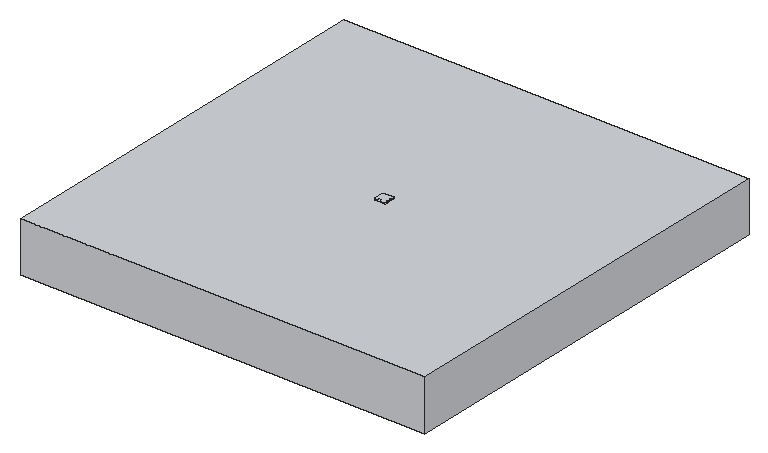
Revit family "Gira_245200", category Allgemeines Modell, Revit 2017
Family settings
  Basisbauteil = Fläche
  Kann Basisbauteil für Bewehrung sein = Nein
  Bemaßung runder Anschluss = Durchmesser verwenden
  Teiletyp = Normal
  Beim Laden mit Abzugskörper schneiden = Nein
  Gemeinsam genutzt = Nein
  Raumberechnungspunkt = Nein
Parameters
  With mounting plate = no
  With memory function = no
  With lighting = no
  With label area = no
  With glass breaking detector connection = no
  With dust cover = no
  With brightness sensor connection = no
  With N-busbar = no
  With LED indication = no
  With Astro program = no
  Wiring system = "Intermediate switch"
  Washing machine switch = no
  Default Elevation = 1219.2 mm
  URL = "https://www.gira.de/"
  Typname = "Add-on mod. built-in speaker Door communication"
  Type of load = "Universal"
  Type of lighting = "Not included"
  Type of fastening = "Screwing"
  Transparent = no
  Through loss at 860 MHz [B] = 0.1
  Through loss at 2150 MHz [B] = 0.1
  Temperature [Kelvin] = "[5:45]"
  Switch-off protection = no
  Surface protection = "Other"
  Surface finishing = "Not applicable"
  Suitable for wire wound low voltage transformer = yes
  Suitable for wind sensor = no
  Suitable for staircase time switch = no
  Suitable for rain sensor = no
  Suitable for fluorescent tube/energy-saving lamp = yes
  Suitable for electronic low voltage transformer = yes
  Suitable for degree of protection (IP) = "IP20"
  Suitable for 230 V incandescent lamp/halogen lamp = yes
  Suitable for = "Outdoor station"
  Substation input = yes
  Shielded housing = no
  Shielded buses = yes
  Serial dimmer = no
  Separate strain relief = no
  Rated current = 10 A
  Random generator = no
  Push button switch = no
  Productwebsite = "http://katalog.gira.de/en/datenblatt.html?artikelnr=125900"
  Output voltage [Volt] = 5
  Other bus systems = "None"
  Operating voltage [Volt] = "[110:240]"
  Only suitable as substation = no
  Number of rockers = 1
  Number of outputs = 2
  Number of modules (module system) = 1
  Number of buttons = 2
  Nominal voltage [Volt] 3 = "[230:230]"
  Nominal voltage [Volt] 2 = "[230:230]"
  Nominal voltage [Volt] = 250
  Mounting method shielding connection = "None"
  Mounting method = "Flush mounted (plaster)"
  Model = "1-pole switch"
  Min. depth of built-in installation box [m] = 0.024
  Method of operation = "Rocker"
  Mechanical controllable = yes
  Mechanical coding = no
  Max. switching power [Voltampere] = 1000
  Max. output current = 1.4 A
  Material quality = "Other"
  Material = "Other"
  Light value memory = no
  Label space/information surface 7 = "No"
  Label space/information surface 6 = "No"
  Label space/information surface 5 = "No"
  Label space/information surface 4 = "No"
  Label space/information surface = no
  Integrated timer = no
  Input for substation = no
  Imprint = "None"
  Illumination = "Yes"
  Hersteller = "Gira"
  Halogen free = no
  HAN = "125900"
  GTIN = "4010337259008"
  Function lighting = "Illuminated (on)"
  Frequency [Hz] = "[50:60]"
  Forced switch off = no
  Feedback-signal contact = no
  Electronic controllable = no
  Electrical and mechanical locking = yes
  Dimming phase cut-on = yes
  Dimming phase cut-off = yes
  Degree of protection (IP) = "IP20"
  Data sheet = "https://katalog.gira.de/en/download.html?artikelnr=125900"
  Contacts = "1 change-over contact"
  Connection type = "Screw"
  Colour coding = no
  Colour = "Other"
  Category = "3"
  Bus system radio frequent = no
  Bus system Powernet = no
  Bus system LON = no
  Bus system KNX radio = no
  Bus system KNX = yes
  Bus connection included = yes
  Beschreibung = "Add-on mod.b-i spk. Door,Add-on module for built-in speaker,,,Features:,- Up to twelve mechanical bell buttons can be connected.,- Additional bell buttons can be connected via additional add-on modules.,- Up to eleven add-on modules can be connected to one built-in speaker.,- Alternating current polling of the bell button connections to prevent oxidation on the button contacts.,- Compact size.,- Securing of connection terminals against incorrect connection.,- Attachment of the add-on module with screws or gluing.,,Notes :,- Module for extending the built-in speaker when more than eight mechanical bell buttons are to be connected.,- This component enables door communication systems with up to 140 audio devices to be set up (e.g. 1 x built-in speaker, 11 x add-on modules for built-in speakers, 136 x surface-mounted home stations)."
  BIM = "https://media.stage.bim.site/public/gira/290f3eb/Einsatz_1fach.rfa"
  Assembly arrangement = "Basic element"
  Applicable with transmission button = no
  Applicable with time switch/timer = no
  Applicable with presence indicator = yes
  Applicable with movement sensor = yes
  Applicable with infrared button = no
  Applicable with button = yes
  App control via Bluetooth = no
Reference planes
  plane 1 "Center (Front/Back)": y = 0
  plane 2: z = 0
  plane 3 "Center (Left/Right)": x = 0
Forms (mm)
  Extrusion 1, solid
    sketch origin (0, 0, 0) x (1, 0, 0) y (0, 1, 0)
      loop
        line (-1219.2, 1219.2) -> (-1219.2, -1219.2) -> (1219.2, -1219.2) -> (1219.2, 1219.2) -> (-1219.2, 1219.2)
    from 0 to -304.8
  Extrusion 2, solid, detail levels fine
    sketch origin (0, 0, 0) x (1, 0, 0) y (0, 1, 0)
      loop
        line (27.475, 35.475) -> (-27.475, 35.475)
        arc (-27.475, 35.475) -> (-33.132, 33.132) -> (-35.475, 27.475) r 8
        line (-35.475, 27.475) -> (-35.475, -27.475)
        arc (-35.475, -27.475) -> (-33.132, -33.132) -> (-27.475, -35.475) r 8
        line (-27.475, -35.475) -> (27.475, -35.475)
        arc (27.475, -35.475) -> (33.132, -33.132) -> (35.475, -27.475) r 8
        line (35.475, -27.475) -> (35.475, 27.475)
        arc (35.475, 27.475) -> (33.132, 33.132) -> (27.475, 35.475) r 8
    from 0 to 1.8
  Extrusion 3, solid, detail levels fine
    sketch origin (0, 0, 0) x (1, 0, 0) y (0, 1, 0)
      loop
        line (9.678, 25.4) -> (-9.678, 25.4)
        arc (-9.678, 25.4) -> (-12.885, 24.922) -> (-15.814, 23.53) r 11
        arc (-15.814, 23.53) -> (-17.795, 22.07) -> (-19.641, 20.444) r 28.35
        arc (-19.641, 20.444) -> (-21.339, 18.665) -> (-22.876, 16.745) r 28.35
        arc (-22.876, 16.745) -> (-24.456, 13.666) -> (-25, 10.248) r 11
        line (-25, 10.248) -> (-25, -10.248)
        arc (-25, -10.248) -> (-24.456, -13.666) -> (-22.876, -16.745) r 11
        arc (-22.876, -16.745) -> (-20.409, -19.677) -> (-17.569, -22.25) r 28.35
        line (-17.569, -22.25) -> (17.569, -22.25)
        arc (17.569, -22.25) -> (20.409, -19.677) -> (22.876, -16.745) r 28.35
        arc (22.876, -16.745) -> (24.456, -13.666) -> (25, -10.248) r 11
        line (25, -10.248) -> (25, 10.248)
        arc (25, 10.248) -> (24.456, 13.666) -> (22.876, 16.745) r 11
        arc (22.876, 16.745) -> (21.593, 18.37) -> (20.195, 19.897) r 28.35
        arc (20.195, 19.897) -> (18.096, 21.823) -> (15.814, 23.53) r 28.35
        arc (15.814, 23.53) -> (12.885, 24.922) -> (9.678, 25.4) r 11
    from 0 to -22
  Extrusion 4, solid, detail levels medium
    sketch origin (0, 0, 0) x (1, 0, 0) y (0, 1, 0)
      loop
        line (-25, 25.4) -> (-25, -22.25) -> (25, -22.25) -> (25, 25.4) -> (-25, 25.4)
    from 0 to -22
  Extrusion 5, solid, detail levels coarse
    sketch origin (0, 0, 0) x (1, 0, 0) y (0, 1, 0)
      loop
        line (35.475, 35.475) -> (-35.475, 35.475) -> (-35.475, -35.475) -> (35.475, -35.475) -> (35.475, 35.475)
    from -22 to 1.8
  Extrusion 6, solid, detail levels medium
    sketch origin (0, 0, 0) x (1, 0, 0) y (0, 1, 0)
      loop
        line (35.475, 35.475) -> (-35.475, 35.475) -> (-35.475, -35.475) -> (35.475, -35.475) -> (35.475, 35.475)
    from 0 to 1.8
Dimensions and locks
  aligned and locked: plane 2 to Extrusion 1
  aligned and locked: level to Extrusion 1
Connectors
  electrical at (0, 0, -22)
    settings: on Extrusion 5, index 1, voltage 220 V, apparent load 0 VA, apparent load phase1 0 VA, apparent load phase2 0 VA, apparent load phase3 0 VA, power factor 1, load classification "Other", number of poles 1, system type 30, power factor state 1, is connector primary yes, connector utility no, sub classification motor no, connector description ""
